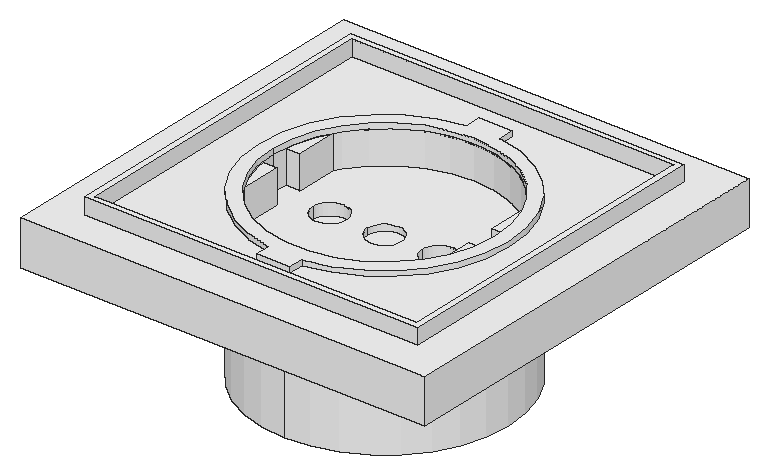
Revit family "Gira_041066", category Electrical Fixtures, host Face, Revit 2017
Family settings
  Host = Face
  Maintain Annotation Orientation = Yes
  Round Connector Dimension = Use Diameter
  Part Type = Normal
  Cut with Voids When Loaded = No
  Shared = No
  Room Calculation Point = No
Parameters (values of type "SCHUKO HC + in.sp. Gira TX_44 (WP FM) p.white")
  URL = "http://katalog.gira.de/en/datenblatt.html?artikelnr=041066"
  Transparent = "No"
  Name = "SCHUKO HC + in.sp. Gira TX_44 (WP FM) p.white"
  Model = "Protective contact (SCHUKO)"
  Manufacturer URL = "https://www.gira.de/"
  Manufacturer = "Gira"
  Keynote = ""
  HeinzeBIM = "https://bimportal.heinze.de/bim/schuko-hc-in-sp-gira-tx-44-wp-fm-p-white/1d7149f238b10af543fec7feb54dc18df71930e6"
  HAN = "041066"
  GTIN = "4010337410669"
  Description = "SCHUKO HC in.sp. TX_44 PW,SCHUKO socket outlet 16 A 250 V~ with hinged cover and inscription space,,pure white,"
  Default Elevation = 1219.2 mm
  Data sheet (1) = "https://katalog.gira.de/en/download.html?artikelnr=041066"
  Category = "Socket outlet"
  BIM (1) = "https://media.stage.bim.site/public/gira/36a6b08/TX44_Steckdose.rfa"
  Available = "No"
Reference planes
  plane 1 "Center (Front/Back)": y = 0
  plane 2: z = 0
  plane 3 "Center (Left/Right)": x = 0
Forms (mm)
  Extrusion 1, solid, material "White", detail levels fine
    sketch origin (0, 0, 0) x (1, 0, 0) y (0, 1, 0)
      loop
        line (35.018, 35.018) -> (-35.018, 35.018) -> (-35.018, -35.018) -> (35.018, -35.018) -> (35.018, 35.018)
      loop
        circle (0.028, 0.033) r 19.286
    from 0 to 7.7
  Extrusion 2, solid, material "White", detail levels fine
    sketch origin (0, 0, 0) x (1, 0, 0) y (0, 1, 0)
      loop
        arc (-2.893, 21.39) -> (-21.584, 0) -> (-2.893, -21.39) r 21.584
        line (-2.893, -21.39) -> (-2.893, -24.069) -> (2.893, -24.069) -> (2.893, -21.39)
        arc (2.893, -21.39) -> (21.584, 0) -> (2.893, 21.39) r 21.584
        line (2.893, 21.39) -> (2.893, 24.069) -> (-2.893, 24.069) -> (-2.893, 21.39)
      loop
        circle (0.028, 0.033) r 19.286
    from 7.7 to 8.6
  Extrusion 3, solid, material "White", detail levels fine
    sketch origin (0, 0, 0) x (1, 0, 0) y (0, 1, 0)
      loop
        line (-27.831, -27.831) -> (27.831, -27.831) -> (27.831, 27.831) -> (-27.831, 27.831) -> (-27.831, -27.831)
      loop
        line (-28.831, 28.831) -> (-28.831, -28.831) -> (28.831, -28.831) -> (28.831, 28.831) -> (-28.831, 28.831)
    from 7.7 to 10.4
  Extrusion 4, solid, material "White", detail levels medium+fine
    sketch origin (0, 0, 0) x (1, 0, 0) y (0, 1, 0)
      loop
        circle (0.028, 0.033) r 19.286
      loop
        circle (-9.472, 0.033) r 3
      loop
        circle (0.028, 0.033) r 3
      loop
        circle (9.528, 0.033) r 3
    from 0 to 2
  Extrusion 5, solid, material "White", detail levels medium+fine
    sketch origin (0, 0, 0) x (1, 0, 0) y (0, 1, 0)
      loop
        circle (0.028, 0.033) r 3
    from 0 to 1
  Extrusion 6, solid, material "White", detail levels fine
    sketch origin (0, 0, 0) x (1, 0, 0) y (0, 1, 0)
      loop
        line (-20.126, 2.533) -> (-16.596, 2.533) -> (-16.596, 10.949) -> (-20.126, 2.533)
      loop
        line (-20.126, -2.467) -> (-16.596, -10.883) -> (-16.596, -2.467) -> (-20.126, -2.467)
      loop
        line (20.181, 2.533) -> (16.651, 10.949) -> (16.651, 2.533) -> (20.181, 2.533)
      loop
        line (20.181, -2.467) -> (16.651, -2.467) -> (16.651, -10.883) -> (20.181, -2.467)
    from 0 to 7.7
  Extrusion 7, solid, material "White", detail levels medium+fine
    sketch origin (0, 0, 0) x (1, 0, 0) y (0, 1, 0)
      loop
        circle (0, 0) r 21.584
    from 0 to -20
  Extrusion 8, solid, material "White", detail levels medium
    sketch origin (0, 0, 0) x (1, 0, 0) y (0, 1, 0)
      loop
        line (35.018, 35.018) -> (-35.018, 35.018) -> (-35.018, -35.018) -> (35.018, -35.018) -> (35.018, 35.018)
      loop
        circle (0.028, 0.033) r 19.286
    from 0 to 10.4
  Extrusion 9, solid, material "White", detail levels coarse
    sketch origin (0, 0, 0) x (1, 0, 0) y (0, 1, 0)
      loop
        line (35.018, 35.018) -> (-35.018, 35.018) -> (-35.018, -35.018) -> (35.018, -35.018) -> (35.018, 35.018)
    from -20 to 10.4
Dimensions and locks
  aligned and locked: plane 2 to host face
  aligned and locked: level to host face
Nested families
  nested 1: "Steckdose 1-fach Beschriftung" at (0, 0, 0), type "Steckdose 1-fach Beschriftung"
Definition of nested family "Steckdose 1-fach Beschriftung"
  Reference planes
    plane 1: y = 0
    plane 2: x = 0
  Lines and regions (mm)
    detail lines
      curve 1: line (0, 0, 0) -> (0, 2, 0)
      curve 3: line (0, 2, 0) -> (-1, 2, 0)
      curve 4: arc (1, 3, 0) -> (0, 2, 0) -> (-1, 3, 0) r 1
      curve 5: line (0, 2, 0) -> (1, 2, 0)
    reference lines
      curve 2: line (-0.485, 3, 0) -> (2.315, 3, 0)
  Dimensions and locks
    curve 1 to curve 1 = 2 mm
    plane 1 to curve 2 = 3 mm
    curve 3 to curve 3 = 1 mm
